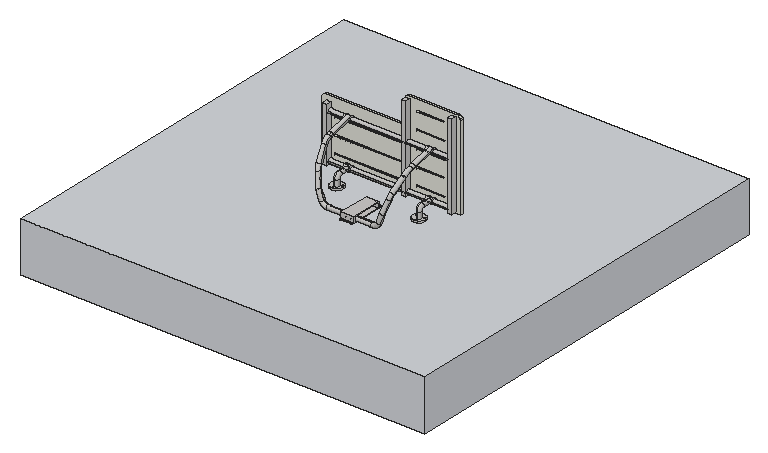
Revit family
Parameters (values of type "B-5181")
  Seating = Solid Phenolic -  Bobrick - Ivory-colored
  Warranty Duration (Years) = 0
  Right [instance] = yes
  Left [instance] = not(Right)  # no
  Down Position [instance] = yes
  Unit Width = 1' - 10 5/16"
  Unit Length = 2' - 9"
  Unit Depth = 1' - 1 7/8"
  URL = "http://www.bobrick.com/Pages/default.aspx"
  Material Finish = Stainless Steel - Bobrick - Satin
  Test Data = ""
  Specification = ""
  SpecWizard = ""
  Send Message = "http://www.arcat.com/users.pl?action=UserEmail&company=Bobrick+Washroom+Equipment,+Inc.&coid=30988&rep=156&fax=818-503-1930&mf="
  Sales Information = "http://www.bobrick.com/Pages/ContactUs.aspx"
  Revision = "R1_10_2012"
  Product Properties = ""
  Product Data = "http://arcat.com/arcatcos/cos30/arc30988.html?isac=1&r=1"
  Model = "B-5181"
  Manufacturer Website = "http://www.bobrick.com/Pages/default.aspx"
  Manufacturer Phone - Toll Free = ""
  Manufacturer Phone = "818-764-1000"
  Manufacturer Fax = "818-503-1930"
  Manufacturer Address = "11611 Hart St. North Hollywood, CA 91605-5882"
  Manufacturer = "Bobrick Washroom Equipment, Inc."
  Maintenance Schedule (Months) = 0
  Up Position [instance] = not(Down Position)  # no
  Keynote = "102813"
  Installation-Fabrication = "http://www.bobrick.com/washroomaccessories/Pages/WashroomAccessories.aspx"
  Installation Phase = ""
  Green Building-LEED = ""
  Expected Lifespan (Years) = 0
  Drawn By = "Sumex Design, Inc. / Robert S. Weygant, CSI, CDT, SCIP"
  Description = "Bobrick B-5181 Reversible Folding Shower Seat"
  Default Elevation = 4' - 0"
  Copyright = "©Arcat Inc."
  Construction Details = ""
  Capacity (Lbs) = 0.36 kip
  Building Codes = ""
  Assembly Code = "E1090900"
  Angle [instance] = if(Up Position, 0.00°, 90.00°)  # 90.00°
Reference planes (in)
  plane 1 "Center (Front/Back)": y = 0
  plane 2: z = 0
  plane 3 "Center (Left/Right)": x = 0
  plane 4: x = -16.5
  plane 5: x = 16.5
  plane 6: z = 22.3125
  plane 7: y = 1.5
  plane 8: z = 2.5
  plane 9 "ADA MOUNT LINE": y = 2.625
  plane 10: y = -10.05469
  plane 11: y = -1.875
  plane 12: y = -11.25
Forms (in)
  Extrusion 1, solid
    sketch origin (0, 0, 0) x (1, 0, 0) y (0, 1, 0)
      loop
        line (-48, 48) -> (-48, -48) -> (48, -48) -> (48, 48) -> (-48, 48)
    from 0 to -12
  Extrusion 2, solid, material "Stainless Steel - Bobrick - Satin" <- "Material Finish"
    sketch origin (0, -1.875, 0) x (1, 0, 0) y (0, 1, 0)
      loop
        circle (-9.75, 0) r 1.5
      loop
        circle (-9.75, -1.09375) r 0.125
      loop
        circle (-10.69722, 0.54687) r 0.125
      loop
        circle (-8.80278, 0.54687) r 0.125
      loop
        circle (9.75, 0) r 1.5
      loop
        circle (9.75, -1.09375) r 0.125
      loop
        circle (10.69722, 0.54687) r 0.125
      loop
        circle (8.80278, 0.54687) r 0.125
    from 0 to 0.25
  Sweep 3, solid, material "Stainless Steel - Bobrick - Satin" <- "Material Finish"
    path origin (0, 0, 0) x (0, 1, 0) y (0, 0, 1)
      loop
        line (-1.875, 0.25) -> (-1.875, 1.75)
        arc (-1.875, 1.75) -> (-1.65533, 2.28033) -> (-1.125, 2.5) r 0.75
        line (-1.125, 2.5) -> (1.5, 2.5)
    profile origin (0, -1.875, 1) x (0, -1, 0) y (1, 0, 0)
      loop
        circle (0, -9.75) r 0.5
  Sweep 4, solid, material "Stainless Steel - Bobrick - Satin" <- "Material Finish"
    path origin (6.5, 0, 0) x (0, 1, 0) y (0, 0, -1)
      loop
        line (-1.875, -0.25) -> (-1.875, -1.75)
        arc (-1.875, -1.75) -> (-1.65533, -2.28033) -> (-1.125, -2.5) r 0.75
        line (-1.125, -2.5) -> (1.5, -2.5)
    profile origin (6.5, -1.875, 1) x (0, 1, 0) y (-1, 0, 0)
      loop
        circle (0, -3.25) r 0.5
  Extrusion 5, solid, material "Stainless Steel - Bobrick - Satin" <- "Material Finish"
    sketch origin (0, 0, 0.5) x (0, 1, 0) y (0, 0, 1)
      loop
        circle (1.5, 2) r 0.5
      loop
        circle (1.5, 2) r 0.625
    from 8.97348 to 10.48359
  Extrusion 6, solid, material "Stainless Steel - Bobrick - Satin" <- "Material Finish"
    sketch origin (0, 0, 0.5) x (0, 1, 0) y (0, 0, -1)
      loop
        circle (1.5, -2) r 0.5
      loop
        circle (1.5, -2) r 0.625
    from 8.9942 to 10.48359
  Extrusion 7, solid, material "Stainless Steel - Bobrick - Satin" <- "Material Finish"
    sketch origin (0, 0, 0.5) x (0, 1, 0) y (0, 0, 1)
      loop
        circle (1.5, 2) r 0.5
    from -14.28116 to 14.28018
  Extrusion 8, solid, material "Stainless Steel - Bobrick - Satin" <- "Material Finish"
    sketch origin (0, 1.5, 1.79687) x (0, 0, 1) y (0, 1, 0)
      loop
        circle (11.25, 0) r 0.625
      loop
        circle (11.25, 0) r 0.5
    from 8.9942 to 10.48359
  Extrusion 9, solid, material "Stainless Steel - Bobrick - Satin" <- "Material Finish"
    sketch origin (0, 1.5, 1.79687) x (0, 0, 1) y (0, -1, 0)
      loop
        circle (11.25, 0) r 0.5
    from -14.28116 to 14.28018
  Extrusion 10, solid, material "Stainless Steel - Bobrick - Satin" <- "Material Finish"
    sketch origin (0, 1.5, 1.79687) x (0, 0, 1) y (0, -1, 0)
      loop
        circle (11.25, 0) r 0.625
      loop
        circle (11.25, 0) r 0.5
    from 8.97348 to 10.48359
  Extrusion 11, solid, material "Stainless Steel - Bobrick - Satin" <- "Material Finish"
    sketch origin (0, 2.25, 2) x (0, 0, 1) y (0, -1, 0)
      loop
        line (-2, 5.68374) -> (-0.56767, 5.68374) -> (-0.56767, 13.13999) -> (-1.875, 13.13999) -> (-1.875, 13.5) -> (-2, 13.5) -> (-2, 5.68374)
      loop
        line (-0.69267, 5.80874) -> (-0.69267, 13.01499) -> (-1.875, 13.01499) -> (-1.875, 5.80874) -> (-0.69267, 5.80874)
    from -1.5 to 1.5
  Revolve 12, solid, not visible
    sketch origin (-4.96082, 1.5, 2.49157) x (-0.292372, 0, 0.956305) y (0, -1, 0)
      loop
        line (11.25, 0) -> (11.75, 0) -> (11.75, 5.25) -> (11.25, 5.25) -> (11.25, 0)
      axis (11.25, 0) -> (11.25, 5.25)
    angle from 0 to 360
  Sweep 13, solid, not visible
    path origin (-4.96082, 1.5, 2.49157) x (-0.292372, 0, 0.956305) y (0, -1, 0)
      loop
        line (11.25, 5.25) -> (11.25, 5.9655)
        arc (11.25, 5.9655) -> (11.09688, 6.68136) -> (10.66433, 7.27195) r 1.75
        line (10.66433, 7.27195) -> (6.65381, 10.84619)
    profile origin (-8.25, -4.10775, 13.25) x (0.292372, 0, -0.956305) y (0.956305, 0, 0.292372)
      loop
        circle (0, 0) r 0.5
  Sweep 14, solid, not visible
    path origin (-4.96082, 1.5, 2.49157) x (-0.292372, 0, 0.956305) y (0, -1, 0)
      loop
        line (6.65381, 10.84619) -> (6.23813, 11.26187)
        arc (6.23813, 11.26187) -> (5.72015, 11.6197) -> (5.10905, 11.77108) r 1.75
        line (5.10905, 11.77108) -> (0.66447, 12.04681)
    profile origin (-6.84544, -9.55403, 8.65588) x (0.206738, 0.707107, -0.67621) y (0.956305, 0, 0.292372)
      loop
        circle (0, 0) r 0.5
  Sweep 15, solid, not visible
    path origin (0, 0, 0) x (1, 0, 0) y (0, 0, 1)
      loop
        line (-5.21645, 3.30032) -> (-4.65809, 1.76624)
        arc (-4.65809, 1.76624) -> (-4.0738, 1.00478) -> (-3.15842, 0.71616) r 1.59591
        line (-3.15842, 0.71616) -> (0, 0.71616)
    profile origin (-4.93727, 0, 2.53328) x (0.939693, 0, 0.34202) y (0, -1, 0)
      loop
        circle (0, 10.53906) r 0.5
  Revolve 16, solid, not visible
    sketch origin (4.96082, 1.5, 2.49157) x (0.292372, 0, 0.956305) y (0, 1, 0)
      loop
        line (11.25, 0) -> (11.25, -5.25) -> (11.75, -5.25) -> (11.75, 0) -> (11.25, 0)
      axis (11.25, 0) -> (11.25, -5.25)
    angle from 0 to 360
  Sweep 17, solid, not visible
    path origin (4.96082, 1.5, 2.49157) x (0.292372, 0, 0.956305) y (0, 1, 0)
      loop
        line (11.25, -5.25) -> (11.25, -5.9655)
        arc (11.25, -5.9655) -> (11.09688, -6.68136) -> (10.66433, -7.27195) r 1.75
        line (10.66433, -7.27195) -> (6.65381, -10.84619)
    profile origin (8.25, -4.10775, 13.25) x (0.292372, 0, 0.956305) y (-0.956305, 0, 0.292372)
      loop
        circle (0, 0) r 0.5
  Sweep 18, solid, not visible
    path origin (4.96082, 1.5, 2.49157) x (0.292372, 0, 0.956305) y (0, 1, 0)
      loop
        line (6.65381, -10.84619) -> (6.23813, -11.26187)
        arc (6.23813, -11.26187) -> (5.72015, -11.6197) -> (5.10905, -11.77108) r 1.75
        line (5.10905, -11.77108) -> (0.66447, -12.04681)
    profile origin (6.84544, -9.55403, 8.65588) x (0.206738, -0.707107, 0.67621) y (-0.956305, 0, 0.292372)
      loop
        circle (0, 0) r 0.5
  Sweep 19, solid, not visible
    path origin (0, 0, 0) x (-1, 0, 0) y (0, 0, 1)
      loop
        line (-5.21645, 3.30032) -> (-4.65809, 1.76624)
        arc (-4.65809, 1.76624) -> (-4.0738, 1.00478) -> (-3.15842, 0.71616) r 1.59591
        line (-3.15842, 0.71616) -> (0, 0.71616)
    profile origin (4.93727, 0, 2.53328) x (0.939693, 0, -0.34202) y (0, -1, 0)
      loop
        circle (0, 10.53906) r 0.5
  Extrusion 20, solid, material "Stainless Steel - Bobrick - Satin" <- "Material Finish"
    sketch origin (0, 1.5, 13.25) x (0, -1, 0) y (1, 0, 0)
      loop
        line (4.93374, -1.5) -> (4.93374, 1.5) -> (3.93374, 1.5) -> (3.93374, -1.5) -> (4.93374, -1.5)
      loop
        circle (4.43374, -0.78125) r 0.125
      loop
        circle (4.43374, 0.78125) r 0.125
    from -13.25 to -13.125
Lines and regions (in)
  reference lines
    curve 1: line (0, 1.5, 2.5) -> (0, 1.5, 10.75)
Dimensions and locks (in)
  equal spacing: plane 4, plane 3 "Center (Left/Right)", plane 5
  "Unit Length": plane 4 to plane 5
  "Unit Width": plane 6 to Extrusion 1
  plane 12 to plane 11 = 0' - 9 3/8"
  "Unit Depth": plane 9 "ADA MOUNT LINE" to plane 12
  "Angle": angle curve 1 to plane 8
  aligned and locked: plane 2 to Extrusion 1
  aligned and locked: level to Extrusion 1
  aligned and locked: plane 7 to curve 1
  aligned and locked: plane 8 to curve 1
Automatic sketch dimensions
  Extrusion 1 sketch curve to Extrusion 1 sketch curve = 8' - 0"  (x2)
  Sweep 3 sketch curve to profile plane = 0' - 0"
  Sweep 3 sketch curve to plane 3 "Center (Left/Right)" = 0' - 9 3/4"
  Sweep 4 sketch curve to profile plane = 0' - 0"
  Sweep 4 sketch curve to profile plane = 0' - 3 1/4"
  Extrusion 5 sketch curve to Extrusion 5 sketch curve = 0' - 0"  (x2)
  Extrusion 5 sketch curve to plane 7 = 0' - 0"
  Extrusion 5 sketch curve to plane 8 = 0' - 0"
  Extrusion 6 sketch curve to Extrusion 6 sketch curve = 0' - 0"  (x2)
  Extrusion 6 sketch curve to plane 7 = 0' - 0"
  Extrusion 6 sketch curve to plane 8 = 0' - 0"
  Extrusion 7 sketch curve to Extrusion 7 sketch curve = 0' - 0"  (x2)
  Extrusion 7 sketch curve to plane 8 = 0' - 0"
  Extrusion 7 sketch curve to plane 7 = 0' - 0"
  Extrusion 7 sketch curve to plane 7 = 0' - 0 1/2"
  Extrusion 8 sketch curve to Extrusion 8 sketch curve = 0' - 0"  (x6)
  Extrusion 8 sketch curve to curve 1 = 0' - 0"
  curve 1 to Extrusion 8 sketch curve = 0' - 2 19/64"
  curve 1 to Extrusion 8 sketch curve = 0' - 0 1/2"
  Extrusion 9 sketch curve to Extrusion 9 sketch curve = 0' - 0"  (x2)
  Extrusion 9 sketch curve to curve 1 = 0' - 0"
  curve 1 to Extrusion 9 sketch curve = 0' - 0 1/2"
  curve 1 to Extrusion 9 sketch curve = 0' - 2 19/64"
  Extrusion 10 sketch curve to Extrusion 10 sketch curve = 0' - 0"  (x6)
  Extrusion 10 sketch curve to curve 1 = 0' - 0"
  curve 1 to Extrusion 10 sketch curve = 0' - 2 19/64"
  curve 1 to Extrusion 10 sketch curve = 0' - 0 1/2"
  Revolve 12 sketch curve to Revolve 12 sketch curve = 0' - 0"
  Revolve 12 sketch curve to Revolve 12 sketch curve = 0' - 0 1/2"  (x3)
  Sweep 13 sketch curve to Sweep 13 sketch curve = 0' - 2.84619"
  Sweep 13 sketch curve to Sweep 13 sketch curve = 0' - 1.16433"
  Sweep 13 sketch curve to Sweep 13 sketch curve = 0' - 0.7155"
  Sweep 13 sketch curve to profile plane = 0' - 0"  (x2)
  Sweep 14 sketch curve to Sweep 14 sketch curve = 0' - 4.33622"
  Sweep 14 sketch curve to Sweep 14 sketch curve = 0' - 0.10836"
  Sweep 14 sketch curve to Sweep 14 sketch curve = 0' - 1.12908"
  Sweep 14 sketch curve to Sweep 14 sketch curve = 0' - 0.41568"  (x2)
  Sweep 14 sketch curve to profile plane = 0' - 0"  (x2)
  Sweep 15 sketch curve to Sweep 15 sketch curve = 0' - 1.49967"
  Sweep 15 sketch curve to Sweep 15 sketch curve = 0' - 0.55836"
  Sweep 15 sketch curve to profile plane = 0' - 0"
  Revolve 16 sketch curve to Revolve 16 sketch curve = 0' - 0"
  Revolve 16 sketch curve to Revolve 16 sketch curve = 0' - 0 1/2"  (x3)
  Sweep 17 sketch curve to Sweep 17 sketch curve = 0' - 2.84619"
  Sweep 17 sketch curve to Sweep 17 sketch curve = 0' - 1.16433"
  Sweep 17 sketch curve to Sweep 17 sketch curve = 0' - 0.7155"
  Sweep 17 sketch curve to profile plane = 0' - 0"  (x2)
  Sweep 18 sketch curve to Sweep 18 sketch curve = 0' - 4.33622"
  Sweep 18 sketch curve to Sweep 18 sketch curve = 0' - 0.10836"
  Sweep 18 sketch curve to Sweep 18 sketch curve = 0' - 1.12908"
  Sweep 18 sketch curve to Sweep 18 sketch curve = 0' - 0.41568"  (x2)
  Sweep 18 sketch curve to profile plane = 0' - 0"  (x2)
  Sweep 19 sketch curve to Sweep 19 sketch curve = 0' - 3.15842"
  Sweep 19 sketch curve to Sweep 19 sketch curve = 0' - 1.49967"
  Sweep 19 sketch curve to Sweep 19 sketch curve = 0' - 0.55836"
  Sweep 19 sketch curve to profile plane = 0' - 0"
  Revolve 12 sketch curve to Revolve 12 sketch curve = 0' - 4 3/4"
  Sweep 13 sketch curve to Sweep 13 sketch curve = 0' - 0.58567"
  Sweep 13 sketch curve to Sweep 13 sketch curve = 0' - 3.57424"
  Sweep 14 sketch curve to Sweep 14 sketch curve = 0' - 0.82176"
  Sweep 14 sketch curve to Sweep 14 sketch curve = 0' - 0.27573"
  Sweep 15 sketch curve to Sweep 15 sketch curve = 0' - 3.15842"
  Sweep 15 sketch curve to Sweep 15 sketch curve = 0' - 1.05008"
  Sweep 15 sketch curve to Sweep 15 sketch curve = 0' - 1.53408"
  profile plane to Sweep 15 sketch curve = 0' - 10 69/128"
  Revolve 16 sketch curve to Revolve 16 sketch curve = 0' - 4 3/4"
  Sweep 17 sketch curve to Sweep 17 sketch curve = 0' - 0.58567"
  Sweep 17 sketch curve to Sweep 17 sketch curve = 0' - 3.57424"
  Sweep 18 sketch curve to Sweep 18 sketch curve = 0' - 0.27573"
  Sweep 18 sketch curve to Sweep 18 sketch curve = 0' - 0.50921"
  Sweep 19 sketch curve to Sweep 19 sketch curve = 0' - 1.05008"
  Sweep 19 sketch curve to Sweep 19 sketch curve = 0' - 1.53408"
  profile plane to Sweep 19 sketch curve = 0' - 10 69/128"
  plane 1 "Center (Front/Back)" to Extrusion 20 sketch curve = 0' - 2.43374"
  Extrusion 20 sketch curve to Extrusion 20 sketch curve = 0' - 0 1/2"  (x3)
  Extrusion 20 sketch curve to plane 3 "Center (Left/Right)" = 0' - 1 1/2"
  Extrusion 20 sketch curve to plane 3 "Center (Left/Right)" = 0' - 0 25/32"
  plane 3 "Center (Left/Right)" to Extrusion 20 sketch curve = 0' - 0 25/32"
  Extrusion 20 sketch curve to Extrusion 20 sketch curve = 0' - 0 23/32"
  plane 1 "Center (Front/Back)" to Sweep 3 sketch curve = 0' - 1 7/8"
  Sweep 3 sketch curve to plane 8 = 0' - 0"
  Sweep 3 sketch curve to plane 7 = 0' - 0"
  Sweep 3 sketch curve to Sweep 3 sketch curve = 0' - 2 5/8"
  level to Sweep 3 sketch curve = 0' - 0 1/4"
  plane 1 "Center (Front/Back)" to Sweep 4 sketch curve = 0' - 1 7/8"
  Sweep 4 sketch curve to plane 8 = 0' - 0"
  Sweep 4 sketch curve to plane 7 = 0' - 0"
  Sweep 4 sketch curve to Sweep 4 sketch curve = 0' - 2 5/8"
  level to Sweep 4 sketch curve = 0' - 0 1/4"
  plane 1 "Center (Front/Back)" to Extrusion 2 sketch curve = 0' - 1 21/64"  (x4)
  plane 4 to Extrusion 2 sketch curve = 0' - 5.80278"
  Extrusion 2 sketch curve to Extrusion 2 sketch curve = 0' - 0.94722"  (x6)
  Extrusion 2 sketch curve to plane 5 = 0' - 7.69722"
  Extrusion 2 sketch curve to Extrusion 2 sketch curve = 0' - 0 35/64"  (x2)
  Extrusion 2 sketch curve to Extrusion 2 sketch curve = 0' - 1 3/32"  (x2)
  level to Extrusion 11 sketch curve = 0' - 0 1/8"
  Extrusion 11 sketch curve to Extrusion 11 sketch curve = 0' - 1.18233"
  Extrusion 11 sketch curve to Extrusion 11 sketch curve = 0' - 0 1/8"  (x4)
  plane 11 to Extrusion 11 sketch curve = 0' - 1.68374"
  Extrusion 11 sketch curve to level = 0' - 0"
  Extrusion 11 sketch curve to plane 12 = 0' - 0"
  Extrusion 11 sketch curve to Extrusion 11 sketch curve = 0' - 0.36001"
  radius of Sweep 3 sketch curve = 0' - 0 1/2"
  radius of Sweep 4 sketch curve = 0' - 0 1/2"
  radius of Extrusion 5 sketch curve = 0' - 0 1/2"
  radius of Extrusion 5 sketch curve = 0' - 0 5/8"
  radius of Extrusion 6 sketch curve = 0' - 0 1/2"
  radius of Extrusion 6 sketch curve = 0' - 0 5/8"
  radius of Extrusion 8 sketch curve = 0' - 0 5/8"
  radius of Extrusion 10 sketch curve = 0' - 0 5/8"
  radius of Sweep 13 sketch curve = 0' - 0 1/2"
  radius of Sweep 14 sketch curve = 0' - 0 1/2"
  radius of Sweep 15 sketch curve = 0' - 0 1/2"
  radius of Sweep 17 sketch curve = 0' - 0 1/2"
  radius of Sweep 18 sketch curve = 0' - 0 1/2"
  radius of Sweep 19 sketch curve = 0' - 0 1/2"
  radius of Extrusion 20 sketch curve = 0' - 0 1/8"  (x2)
  radius of Extrusion 2 sketch curve = 0' - 1 1/2"  (x2)
  radius of Extrusion 2 sketch curve = 0' - 0 1/8"  (x6)
Nested families (in)
  nested 1: "Down Position" at (0, -10.05469, 0), Unlock <- "Down Position", visible <- "Down Position", type "Down Position"
    with Unlock yes
  nested 2: "Up Position" at (0, -4.59634, 0.21163) x (1, 0, 0) z (0, 0.6842, 0.7293), visible <- "Up Position", Unlock <- "Up Position", type "Up Position"
    with Unlock no
  nested 3: "Right" at (0, 0, 0), Angle <- "Angle", type "Right"
    with Angle 90.00°, Right yes
  nested 4: "Left" at (0, 0, 0), Angle <- "Angle", type "Left"
    with Angle 90.00°, Left no
Definition of nested family "Down Position"
  Parameters (values of type "Down Position")
    Warranty Duration (Years) = 0
    Unlock [instance] = yes
    Unit Width = 1' - 1 1/2"
    Unit Length = 2' - 8"
    Unit Depth = 0' - 0"
    URL = "http://www.accessabledesigns.com/default.htm"
    Tube = none
    Test Data = ""
    Specification = "http://arcat.com/sd/clients/accessab.html?coid=41334"
    SpecWizard = ""
    Send Message = "http://www.arcat.com/users.pl?action=UserEmail&company=Access-Able+Designs,+Inc.&coid=41334&rep=145&fax=772-872-3200&mf="
    Sales Information = "http://www.accessabledesigns.com/contact.htm"
    Revision = "R1_7_2012"
    Product Properties = ""
    Product Data = "http://arcat.com/arcatcos/cos41/arc41334.html?isac=1&r=1"
    Model = "As Specified"
    Manufacturer Website = "http://www.accessabledesigns.com/default.htm"
    Manufacturer Phone - Toll Free = "877-853-7816"
    Manufacturer Phone = ""
    Manufacturer Fax = "772-872-3200"
    Manufacturer Address = "494 53rd Square Vero Beach, FL 32968"
    Manufacturer = "Access-able Designs, Inc."
    Maintenance Schedule (Months) = 0
    Keynote = "10820"
    Installation-Fabrication = ""
    Installation Phase = ""
    Green Building-LEED = ""
    Expected Lifespan (Years) = 0
    Drawn By = "Sumex Design, Inc. / Robert S. Weygant, CSI, CDT, SCIP"
    Description = "Access-able Designs Product as Specified"
    Default Elevation = 4' - 0"
    Copyright = "©Arcat Inc."
    Construction Details = ""
    Building Codes = ""
    Assembly Code = "C1030200"
    Angle = 90.00°
  Reference planes (in)
    plane 1 "Center (Front/Back)": y = 0
    plane 2: z = 0
    plane 3 "Center (Left/Right)": x = 0
    plane 4: y = 6.75
    plane 5: y = -6.75
    plane 6: x = -16
    plane 7: x = 16
    plane 8: z = 12
    plane 9 "L": through (-7.39541, -180, 8.60215) normal (0.9659, 0, 0.2588)
    plane 10: x = -8.29236
  Forms (in)
    Extrusion 1, solid
      sketch origin (0, 0, 0) x (1, 0, 0) y (0, 1, 0)
        loop
          line (-48, 48) -> (-48, -48) -> (48, -48) -> (48, 48) -> (-48, 48)
      from 0 to -12
    Revolve 2, solid, not visible
      sketch origin (-4.96082, 1.5, 2.49157) x (-0.292372, 0, 0.956305) y (0, -1, 0)
        loop
          line (11.25, 0) -> (11.75, 0) -> (11.75, 5.25) -> (11.25, 5.25) -> (11.25, 0)
        axis (11.25, 0) -> (11.25, 5.25)
      angle from 0 to 360
    Sweep 3, solid, not visible
      path origin (-4.96082, 1.5, 2.49157) x (-0.292372, 0, 0.956305) y (0, -1, 0)
        loop
          line (11.25, 5.25) -> (11.25, 5.9655)
          arc (11.25, 5.9655) -> (11.09688, 6.68136) -> (10.66433, 7.27195) r 1.75
          line (10.66433, 7.27195) -> (6.65381, 10.84619)
      profile origin (-8.25, -4.10775, 13.25) x (0.292372, 0, -0.956305) y (0.956305, 0, 0.292372)
        loop
          circle (0, 0) r 0.5
    Sweep 4, solid, not visible
      path origin (-4.96082, 1.5, 2.49157) x (-0.292372, 0, 0.956305) y (0, -1, 0)
        loop
          line (6.65381, 10.84619) -> (6.23813, 11.26187)
          arc (6.23813, 11.26187) -> (5.72015, 11.6197) -> (5.10905, 11.77108) r 1.75
          line (5.10905, 11.77108) -> (0.66447, 12.04681)
      profile origin (-6.84544, -9.55403, 8.65588) x (0.206738, 0.707107, -0.67621) y (0.956305, 0, 0.292372)
        loop
          circle (0, 0) r 0.5
    Sweep 5, solid, not visible
      path origin (0, 0, 0) x (1, 0, 0) y (0, 0, 1)
        loop
          line (-5.21645, 3.30032) -> (-4.65809, 1.76624)
          arc (-4.65809, 1.76624) -> (-4.0738, 1.00478) -> (-3.15842, 0.71616) r 1.59591
          line (-3.15842, 0.71616) -> (0, 0.71616)
      profile origin (-4.93727, 0, 2.53328) x (0.939693, 0, 0.34202) y (0, -1, 0)
        loop
          circle (0, 10.53906) r 0.5
    Revolve 6, solid, not visible
      sketch origin (4.96082, 1.5, 2.49157) x (0.292372, 0, 0.956305) y (0, 1, 0)
        loop
          line (11.25, 0) -> (11.25, -5.25) -> (11.75, -5.25) -> (11.75, 0) -> (11.25, 0)
        axis (11.25, 0) -> (11.25, -5.25)
      angle from 0 to 360
    Sweep 7, solid, not visible
      path origin (4.96082, 1.5, 2.49157) x (0.292372, 0, 0.956305) y (0, 1, 0)
        loop
          line (11.25, -5.25) -> (11.25, -5.9655)
          arc (11.25, -5.9655) -> (11.09688, -6.68136) -> (10.66433, -7.27195) r 1.75
          line (10.66433, -7.27195) -> (6.65381, -10.84619)
      profile origin (8.25, -4.10775, 13.25) x (0.292372, 0, 0.956305) y (-0.956305, 0, 0.292372)
        loop
          circle (0, 0) r 0.5
    Sweep 8, solid, not visible
      path origin (4.96082, 1.5, 2.49157) x (0.292372, 0, 0.956305) y (0, 1, 0)
        loop
          line (6.65381, -10.84619) -> (6.23813, -11.26187)
          arc (6.23813, -11.26187) -> (5.72015, -11.6197) -> (5.10905, -11.77108) r 1.75
          line (5.10905, -11.77108) -> (0.66447, -12.04681)
      profile origin (6.84544, -9.55403, 8.65588) x (0.206738, -0.707107, 0.67621) y (-0.956305, 0, 0.292372)
        loop
          circle (0, 0) r 0.5
    Sweep 9, solid, not visible
      path origin (0, 0, 0) x (-1, 0, 0) y (0, 0, 1)
        loop
          line (-5.21645, 3.30032) -> (-4.65809, 1.76624)
          arc (-4.65809, 1.76624) -> (-4.0738, 1.00478) -> (-3.15842, 0.71616) r 1.59591
          line (-3.15842, 0.71616) -> (0, 0.71616)
      profile origin (4.93727, 0, 2.53328) x (0.939693, 0, -0.34202) y (0, -1, 0)
        loop
          circle (0, 10.53906) r 0.5
    Sweep 10, solid, not visible
      path origin (0, 0, 0) x (1, 0, 0) y (0, 0, 1)
        loop
          line (0, 0.71616) -> (-3.84674, 0.71616)
          arc (-3.84674, 0.71616) -> (-4.76312, 1.0051) -> (-5.34804, 1.76739) r 1.59766
          line (-5.34804, 1.76739) -> (-6.16678, 4.01685)
      profile origin (-1.92337, 0, 0.71616) x (0, 0, -1) y (0, -1, 0)
        loop
          circle (0, 10.05469) r 0.5
    Sweep 11, solid, not visible
      path origin (0, 1.5, 2) x (0, 0, 1) y (0, -1, 0)
        loop
          line (11.25, 0) -> (9.8265, 5.31259)
      profile origin (0, -1.1563, 12.53825) x (0, 0.258819, -0.965926) y (1, 0, 0)
        loop
          circle (0, -8.25) r 0.5
    Sweep 12, solid, not visible
      path origin (2.25548, 1.5, 4.46009) x (-0.258819, 0, 0.965926) y (0, -1, 0)
        loop
          line (9.8265, 5.31259) -> (9.63073, 6.04319)
          arc (9.63073, 6.04319) -> (9.24763, 6.92427) -> (8.62366, 7.65484) r 3.25
          line (8.62366, 7.65484) -> (6.16605, 9.79121)
      profile origin (-0.26247, -4.17789, 13.85721) x (0.25, 0.258819, -0.933013) y (0.965926, 0, 0.258819)
        loop
          circle (0, -8.25) r 0.5
    Sweep 13, solid, not visible
      path origin (2.25548, 1.5, 4.46009) x (-0.258819, 0, 0.965926) y (0, -1, 0)
        loop
          line (6.16605, 9.79121) -> (5.78463, 10.12278)
          arc (5.78463, 10.12278) -> (5.26674, 10.48205) -> (4.68337, 10.72071) r 2.89483
          line (4.68337, 10.72071) -> (1.61389, 11.60087)
      profile origin (0.70895, -8.457, 10.23182) x (0.169801, 0.75471, -0.633704) y (0.965926, 0, 0.258819)
        loop
          circle (0, -8.25) r 0.5
    Sweep 14, solid, not visible
      path origin (0, 0, 0) x (-1, 0, 0) y (0, 0, 1)
        loop
          line (0, 0.71616) -> (-3.84674, 0.71616)
          arc (-3.84674, 0.71616) -> (-4.76312, 1.0051) -> (-5.34804, 1.76739) r 1.59766
          line (-5.34804, 1.76739) -> (-6.16678, 4.01685)
      profile origin (1.92337, 0, 0.71616) x (0, 0, 1) y (0, -1, 0)
        loop
          circle (0, 10.05469) r 0.5
    Sweep 15, solid, not visible
      path origin (0, 1.5, 2) x (0, 0, 1) y (0, 1, 0)
        loop
          line (11.25, 0) -> (9.8265, -5.31259)
      profile origin (0, -1.1563, 12.53825) x (0, -0.258819, 0.965926) y (-1, 0, 0)
        loop
          circle (0, -8.25) r 0.5
    Sweep 16, solid, not visible
      path origin (-2.25548, 1.5, 4.46009) x (0.258819, 0, 0.965926) y (0, 1, 0)
        loop
          line (9.8265, -5.31259) -> (9.63073, -6.04319)
          arc (9.63073, -6.04319) -> (9.24763, -6.92427) -> (8.62366, -7.65484) r 3.25
          line (8.62366, -7.65484) -> (6.16605, -9.79121)
      profile origin (0.26247, -4.17789, 13.85721) x (0.25, -0.258819, 0.933013) y (-0.965926, 0, 0.258819)
        loop
          circle (0, -8.25) r 0.5
    Sweep 17, solid, not visible
      path origin (-2.25548, 1.5, 4.46009) x (0.258819, 0, 0.965926) y (0, 1, 0)
        loop
          line (6.16605, -9.79121) -> (5.78463, -10.12278)
          arc (5.78463, -10.12278) -> (5.26674, -10.48205) -> (4.68337, -10.72071) r 2.89483
          line (4.68337, -10.72071) -> (1.61389, -11.60087)
      profile origin (-0.70895, -8.457, 10.23182) x (0.169801, -0.75471, 0.633704) y (-0.965926, 0, 0.258819)
        loop
          circle (0, -8.25) r 0.5
    Sweep 18, solid, material <- "Tube", visible <- "Unlock"
      path in 3D
        loop
          line (9.79236, 11.61283, 13.32772) -> (9.79236, 6.28828, 11.94962) -> (9.74169, 5.55767, 11.76053)
          arc (9.74169, 5.55767, 11.76053) -> (9.64254, 4.6766, 11.39048) -> (9.48104, 3.94603, 10.78777) r 3.25
          line (9.48104, 3.94603, 10.78777) -> (8.74539, 1.47521, 8.04227)
          arc (8.74539, 1.47521, 8.04227) -> (8.61227, 1.1184, 7.54545) -> (8.46231, 0.88137, 6.98582) r 2.875
          line (8.46231, 0.88137, 6.98582) -> (7.66678, 0, 4.01685) -> (6.85459, 0, 1.78538)
          arc (6.85459, 0, 1.78538) -> (6.25965, 0, 1.01004) -> (5.32759, 0, 0.71616) r 1.625
          line (5.32759, 0, 0.71616) -> (-5.26509, 0, 0.71616)
          arc (-5.26509, 0, 0.71616) -> (-6.19715, 0, 1.01004) -> (-6.79209, 0, 1.78538) r 1.625
          line (-6.79209, 0, 1.78538) -> (-7.60428, 0, 4.01685) -> (-8.39981, 0.88137, 6.98582)
          arc (-8.39981, 0.88137, 6.98582) -> (-8.54977, 1.1184, 7.54545) -> (-8.68289, 1.47521, 8.04227) r 2.875
          line (-8.68289, 1.47521, 8.04227) -> (-9.41854, 3.94603, 10.78777)
          arc (-9.41854, 3.94603, 10.78777) -> (-9.58004, 4.6766, 11.39048) -> (-9.67919, 5.55767, 11.76053) r 3.25
          line (-9.67919, 5.55767, 11.76053) -> (-9.72986, 6.28828, 11.94962) -> (-9.72986, 11.61283, 13.32772)
      profile origin (7.26069, 0, 2.90112) x (0.939693, 0, -0.34202) y (0, -1, 0)
        loop
          circle (0, 0) r 0.5
  Lines and regions (in)
    sketch lines
      curve 1: line (7.66678, 0, 4.01685) -> (6.85459, 0, 1.78538)
      curve 2: arc (6.85459, 0, 1.78538) -> (6.25965, 0, 1.01004) -> (5.32759, 0, 0.71616) r 1.625
      curve 3: line (5.32759, 0, 0.71616) -> (-5.26509, 0, 0.71616)
      curve 4: arc (-6.79209, 0, 1.78538) -> (-6.19715, 0, 1.01004) -> (-5.26509, 0, 0.71616) r 1.625
      curve 5: line (-7.60428, 0, 4.01685) -> (-6.79209, 0, 1.78538)
      curve 6: line (-7.60428, 0, 4.01685) -> (-8.39981, 0.88137, 6.98582)
      curve 7: arc (-8.39981, 0.88137, 6.98582) -> (-8.54977, 1.1184, 7.54545) -> (-8.68289, 1.47521, 8.04227) r 2.875
      curve 8: line (-9.41854, 3.94603, 10.78777) -> (-8.68289, 1.47521, 8.04227)
      curve 9: arc (-9.41854, 3.94603, 10.78777) -> (-9.58004, 4.6766, 11.39048) -> (-9.67919, 5.55767, 11.76053) r 3.25
      curve 10: line (-9.72986, 6.28828, 11.94962) -> (-9.67919, 5.55767, 11.76053)
      curve 11: line (-9.72986, 6.28828, 11.94962) -> (-9.72986, 11.61283, 13.32772)
      curve 12: line (7.66678, 0, 4.01685) -> (8.46231, 0.88137, 6.98582)
      curve 13: arc (8.46231, 0.88137, 6.98582) -> (8.61227, 1.1184, 7.54545) -> (8.74539, 1.47521, 8.04227) r 2.875
      curve 14: line (9.48104, 3.94603, 10.78777) -> (8.74539, 1.47521, 8.04227)
      curve 15: arc (9.48104, 3.94603, 10.78777) -> (9.64254, 4.6766, 11.39048) -> (9.74169, 5.55767, 11.76053) r 3.25
      curve 16: line (9.79236, 6.28828, 11.94962) -> (9.74169, 5.55767, 11.76053)
      curve 17: line (9.79236, 6.28828, 11.94962) -> (9.79236, 11.61283, 13.32772)
  Dimensions and locks (in)
    plane 8 to level = 1' - 0"
    equal spacing: plane 4, plane 1 "Center (Front/Back)", plane 5
    "Unit Width": plane 4 to plane 5
    equal spacing: plane 6, plane 3 "Center (Left/Right)", plane 7
    "Unit Length": plane 6 to plane 7
    aligned and locked: plane 2 to Extrusion 1
    aligned and locked: level to Extrusion 1
  Automatic sketch dimensions
    Revolve 2 sketch curve to Revolve 2 sketch curve = 0' - 0"
    Revolve 2 sketch curve to Revolve 2 sketch curve = 0' - 0 1/2"  (x3)
    Sweep 3 sketch curve to Sweep 3 sketch curve = 0' - 2.84619"
    Sweep 3 sketch curve to Sweep 3 sketch curve = 0' - 1.16433"
    Sweep 3 sketch curve to Sweep 3 sketch curve = 0' - 0.7155"
    Sweep 3 sketch curve to profile plane = 0' - 0"  (x2)
    Sweep 4 sketch curve to Sweep 4 sketch curve = 0' - 4.33622"
    Sweep 4 sketch curve to Sweep 4 sketch curve = 0' - 0.10836"
    Sweep 4 sketch curve to Sweep 4 sketch curve = 0' - 1.12908"
    Sweep 4 sketch curve to Sweep 4 sketch curve = 0' - 0.41568"  (x2)
    Sweep 4 sketch curve to profile plane = 0' - 0"  (x2)
    Sweep 5 sketch curve to Sweep 5 sketch curve = 0' - 1.49967"
    Sweep 5 sketch curve to Sweep 5 sketch curve = 0' - 0.55836"
    Sweep 5 sketch curve to profile plane = 0' - 0"
    Revolve 6 sketch curve to Revolve 6 sketch curve = 0' - 0"
    Revolve 6 sketch curve to Revolve 6 sketch curve = 0' - 0 1/2"  (x3)
    Sweep 7 sketch curve to Sweep 7 sketch curve = 0' - 2.84619"
    Sweep 7 sketch curve to Sweep 7 sketch curve = 0' - 1.16433"
    Sweep 7 sketch curve to Sweep 7 sketch curve = 0' - 0.7155"
    Sweep 7 sketch curve to profile plane = 0' - 0"  (x2)
    Sweep 8 sketch curve to Sweep 8 sketch curve = 0' - 4.33622"
    Sweep 8 sketch curve to Sweep 8 sketch curve = 0' - 0.10836"
    Sweep 8 sketch curve to Sweep 8 sketch curve = 0' - 1.12908"
    Sweep 8 sketch curve to Sweep 8 sketch curve = 0' - 0.41568"  (x2)
    Sweep 8 sketch curve to profile plane = 0' - 0"  (x2)
    Sweep 9 sketch curve to Sweep 9 sketch curve = 0' - 3.15842"
    Sweep 9 sketch curve to Sweep 9 sketch curve = 0' - 1.49967"
    Sweep 9 sketch curve to Sweep 9 sketch curve = 0' - 0.55836"
    Sweep 9 sketch curve to profile plane = 0' - 0"
    Revolve 2 sketch curve to Revolve 2 sketch curve = 0' - 4 3/4"
    Sweep 3 sketch curve to Sweep 3 sketch curve = 0' - 0.58567"
    Sweep 3 sketch curve to Sweep 3 sketch curve = 0' - 3.57424"
    Sweep 4 sketch curve to Sweep 4 sketch curve = 0' - 0.82176"
    Sweep 4 sketch curve to Sweep 4 sketch curve = 0' - 0.27573"
    Sweep 5 sketch curve to Sweep 5 sketch curve = 0' - 3.15842"
    Sweep 5 sketch curve to Sweep 5 sketch curve = 0' - 1.05008"
    Sweep 5 sketch curve to Sweep 5 sketch curve = 0' - 1.53408"
    profile plane to Sweep 5 sketch curve = 0' - 10 69/128"
    Revolve 6 sketch curve to Revolve 6 sketch curve = 0' - 4 3/4"
    Sweep 7 sketch curve to Sweep 7 sketch curve = 0' - 0.58567"
    Sweep 7 sketch curve to Sweep 7 sketch curve = 0' - 3.57424"
    Sweep 8 sketch curve to Sweep 8 sketch curve = 0' - 0.27573"
    Sweep 8 sketch curve to Sweep 8 sketch curve = 0' - 0.50921"
    Sweep 9 sketch curve to Sweep 9 sketch curve = 0' - 1.05008"
    Sweep 9 sketch curve to Sweep 9 sketch curve = 0' - 1.53408"
    profile plane to Sweep 9 sketch curve = 0' - 10 69/128"
    Extrusion 1 sketch curve to Extrusion 1 sketch curve = 8' - 0"  (x2)
    Sweep 10 sketch curve to Sweep 10 sketch curve = 0' - 1.50131"
    Sweep 10 sketch curve to Sweep 10 sketch curve = 0' - 0.81874"
    Sweep 10 sketch curve to profile plane = 0' - 0"
    Sweep 11 sketch curve to profile plane = 0' - 0"
    Sweep 11 sketch curve to profile plane = 0' - 8 1/4"
    Sweep 12 sketch curve to Sweep 12 sketch curve = 0' - 0.32543"
    Sweep 12 sketch curve to Sweep 12 sketch curve = 0' - 2.13219"
    Sweep 12 sketch curve to Sweep 12 sketch curve = 0' - 1.00707"
    Sweep 12 sketch curve to Sweep 12 sketch curve = 0' - 0.19576"
    Sweep 12 sketch curve to Sweep 12 sketch curve = 0' - 2.45281"
    Sweep 12 sketch curve to profile plane = 0' - 0"
    Sweep 12 sketch curve to profile plane = 0' - 8 1/4"
    Sweep 13 sketch curve to Sweep 13 sketch curve = 0' - 2.27155"
    Sweep 13 sketch curve to Sweep 13 sketch curve = 0' - 0.79792"
    Sweep 13 sketch curve to Sweep 13 sketch curve = 0' - 1.10126"
    Sweep 13 sketch curve to Sweep 13 sketch curve = 0' - 0.38142"
    Sweep 13 sketch curve to profile plane = 0' - 0"
    Sweep 13 sketch curve to profile plane = 0' - 8 1/4"
    Sweep 14 sketch curve to Sweep 14 sketch curve = 0' - 3.84674"
    Sweep 14 sketch curve to Sweep 14 sketch curve = 0' - 1.50131"
    Sweep 14 sketch curve to Sweep 14 sketch curve = 0' - 0.81874"
    Sweep 14 sketch curve to profile plane = 0' - 0"
    Sweep 15 sketch curve to profile plane = 0' - 0"
    Sweep 15 sketch curve to profile plane = 0' - 8 1/4"
    Sweep 16 sketch curve to Sweep 16 sketch curve = 0' - 0.32543"
    Sweep 16 sketch curve to Sweep 16 sketch curve = 0' - 2.13219"
    Sweep 16 sketch curve to Sweep 16 sketch curve = 0' - 1.00707"
    Sweep 16 sketch curve to Sweep 16 sketch curve = 0' - 0.19576"
    Sweep 16 sketch curve to Sweep 16 sketch curve = 0' - 0.7306"
    Sweep 16 sketch curve to profile plane = 0' - 0"
    Sweep 16 sketch curve to profile plane = 0' - 8 1/4"
    Sweep 17 sketch curve to Sweep 17 sketch curve = 0' - 2.27155"
    Sweep 17 sketch curve to Sweep 17 sketch curve = 0' - 0.79792"
    Sweep 17 sketch curve to Sweep 17 sketch curve = 0' - 1.10126"
    Sweep 17 sketch curve to Sweep 17 sketch curve = 0' - 0.38142"
    Sweep 17 sketch curve to profile plane = 0' - 0"
    Sweep 17 sketch curve to profile plane = 0' - 8 1/4"
    Sweep 10 sketch curve to Sweep 10 sketch curve = 0' - 3.84674"
    Sweep 10 sketch curve to Sweep 10 sketch curve = 0' - 1.05123"
    Sweep 10 sketch curve to Sweep 10 sketch curve = 0' - 2.24947"
    profile plane to Sweep 10 sketch curve = 0' - 10 7/128"
    Sweep 11 sketch curve to Sweep 11 sketch curve = 0' - 1.4235"
    Sweep 11 sketch curve to Sweep 11 sketch curve = 0' - 5.31259"
    Sweep 12 sketch curve to Sweep 12 sketch curve = 0' - 0.7306"
    Sweep 12 sketch curve to Sweep 12 sketch curve = 0' - 2.13637"
    Sweep 13 sketch curve to Sweep 13 sketch curve = 0' - 1.85319"
    Sweep 13 sketch curve to Sweep 13 sketch curve = 0' - 0.33156"
    Sweep 13 sketch curve to Sweep 13 sketch curve = 0' - 0.88016"
    Sweep 14 sketch curve to Sweep 14 sketch curve = 0' - 1.05123"
    Sweep 14 sketch curve to Sweep 14 sketch curve = 0' - 2.24947"
    profile plane to Sweep 14 sketch curve = 0' - 10 7/128"
    Sweep 15 sketch curve to Sweep 15 sketch curve = 0' - 1.4235"
    Sweep 15 sketch curve to Sweep 15 sketch curve = 0' - 5.31259"
    Sweep 16 sketch curve to Sweep 16 sketch curve = 0' - 2.13637"
    Sweep 16 sketch curve to Sweep 16 sketch curve = 0' - 1.61164"
    Sweep 17 sketch curve to Sweep 17 sketch curve = 0' - 0.88016"
    Sweep 17 sketch curve to Sweep 17 sketch curve = 0' - 0.59793"
    Sweep 17 sketch curve to Sweep 17 sketch curve = 0' - 0.33156"
    Sweep 18 sketch curve to profile plane = 0' - 0"  (x2)
    radius of Sweep 3 sketch curve = 0' - 0 1/2"
    radius of Sweep 4 sketch curve = 0' - 0 1/2"
    radius of Sweep 5 sketch curve = 0' - 0 1/2"
    radius of Sweep 7 sketch curve = 0' - 0 1/2"
    radius of Sweep 8 sketch curve = 0' - 0 1/2"
    radius of Sweep 9 sketch curve = 0' - 0 1/2"
    radius of Sweep 10 sketch curve = 0' - 0 1/2"
    radius of Sweep 11 sketch curve = 0' - 0 1/2"
    radius of Sweep 12 sketch curve = 0' - 0 1/2"
    radius of Sweep 13 sketch curve = 0' - 0 1/2"
    radius of Sweep 14 sketch curve = 0' - 0 1/2"
    radius of Sweep 15 sketch curve = 0' - 0 1/2"
    radius of Sweep 16 sketch curve = 0' - 0 1/2"
    radius of Sweep 17 sketch curve = 0' - 0 1/2"
    radius of Sweep 18 sketch curve = 0' - 0 1/2"
Definition of nested family "Right"
  Parameters (values of type "Right")
    Seating = Solid Phenolic -  Bobrick - Ivory-colored
    Warranty Duration (Years) = 0
    Unit Width = 1' - 10 5/16"
    Unit Length = 2' - 9"
    Unit Depth = 1' - 0 87/128"
    URL = "http://www.accessabledesigns.com/default.htm"
    Right = no
    Material Finish = Stainless Steel - Bobrick - Satin
    Test Data = ""
    Specification = "http://arcat.com/sd/clients/accessab.html?coid=41334"
    SpecWizard = ""
    Send Message = "http://www.arcat.com/users.pl?action=UserEmail&company=Access-Able+Designs,+Inc.&coid=41334&rep=145&fax=772-872-3200&mf="
    Sales Information = "http://www.accessabledesigns.com/contact.htm"
    Revision = "R1_7_2012"
    Product Properties = ""
    Product Data = "http://arcat.com/arcatcos/cos41/arc41334.html?isac=1&r=1"
    Model = "As Specified"
    Manufacturer Website = "http://www.accessabledesigns.com/default.htm"
    Manufacturer Phone - Toll Free = "877-853-7816"
    Manufacturer Phone = ""
    Manufacturer Fax = "772-872-3200"
    Manufacturer Address = "494 53rd Square Vero Beach, FL 32968"
    Manufacturer = "Access-able Designs, Inc."
    Maintenance Schedule (Months) = 0
    Keynote = "10820"
    Installation-Fabrication = ""
    Installation Phase = ""
    Green Building-LEED = ""
    Expected Lifespan (Years) = 0
    Drawn By = "Sumex Design, Inc. / Robert S. Weygant, CSI, CDT, SCIP"
    Description = "Access-able Designs Product as Specified"
    Default Elevation = 4' - 0"
    Copyright = "©Arcat Inc."
    Construction Details = ""
    Building Codes = ""
    Assembly Code = "C1030200"
    Angle [instance] = 90.00°
  Reference planes (in)
    plane 1 "Center (Front/Back)": y = 0
    plane 2: z = 0
    plane 3 "Center (Left/Right)": x = 0
    plane 4: x = -16.5
    plane 5: x = 16.5
    plane 6: z = 22.3125
    plane 7: y = 1.5
    plane 8: z = 2.5
    plane 9: y = 2.625
    plane 10: y = -10.05469
  Forms (in)
    Extrusion 1, solid
      sketch origin (0, 0, 0) x (1, 0, 0) y (0, 1, 0)
        loop
          line (-48, 48) -> (-48, -48) -> (48, -48) -> (48, 48) -> (-48, 48)
      from 0 to -12
    Extrusion 2, solid, material "Solid Phenolic -  Bobrick - Ivory-colored" <- "Seating", visible <- "Right"
      sketch origin (0, 1.5, 2.5) x (0, 0, 1) y (0, -1, 0)
        loop
          line (-1.125, -0.625) -> (-1.125, -1.125) -> (19.8125, -1.125) -> (19.8125, -0.625) -> (-1.125, -0.625)
      from -16.5 to 16.5
    Extrusion 3, void
      sketch origin (0, 1.5, 2.5) x (0, 0, 1) y (0, -1, 0)
        loop
          line (19.8125, -1.125) -> (19.8125, -0.625) -> (13.3125, -0.625) -> (13.3125, -1.125) -> (19.8125, -1.125)
      from -16.5 to 3.125
    Revolve 4, solid, not visible
      sketch origin (-4.96082, 1.5, 2.49157) x (-0.292372, 0, 0.956305) y (0, -1, 0)
        loop
          line (11.25, 0) -> (11.75, 0) -> (11.75, 5.25) -> (11.25, 5.25) -> (11.25, 0)
        axis (11.25, 0) -> (11.25, 5.25)
      angle from 0 to 360
    Sweep 5, solid, not visible
      path origin (-4.96082, 1.5, 2.49157) x (-0.292372, 0, 0.956305) y (0, -1, 0)
        loop
          line (11.25, 5.25) -> (11.25, 5.9655)
          arc (11.25, 5.9655) -> (11.09688, 6.68136) -> (10.66433, 7.27195) r 1.75
          line (10.66433, 7.27195) -> (6.65381, 10.84619)
      profile origin (-8.25, -4.10775, 13.25) x (0.292372, 0, -0.956305) y (0.956305, 0, 0.292372)
        loop
          circle (0, 0) r 0.5
    Sweep 6, solid, not visible
      path origin (-4.96082, 1.5, 2.49157) x (-0.292372, 0, 0.956305) y (0, -1, 0)
        loop
          line (6.65381, 10.84619) -> (6.23813, 11.26187)
          arc (6.23813, 11.26187) -> (5.72015, 11.6197) -> (5.10905, 11.77108) r 1.75
          line (5.10905, 11.77108) -> (0.66447, 12.04681)
      profile origin (-6.84544, -9.55403, 8.65588) x (0.206738, 0.707107, -0.67621) y (0.956305, 0, 0.292372)
        loop
          circle (0, 0) r 0.5
    Sweep 7, solid, not visible
      path origin (0, 0, 0) x (1, 0, 0) y (0, 0, 1)
        loop
          line (-5.21645, 3.30032) -> (-4.65809, 1.76624)
          arc (-4.65809, 1.76624) -> (-4.0738, 1.00478) -> (-3.15842, 0.71616) r 1.59591
          line (-3.15842, 0.71616) -> (0, 0.71616)
      profile origin (-4.93727, 0, 2.53328) x (0.939693, 0, 0.34202) y (0, -1, 0)
        loop
          circle (0, 10.53906) r 0.5
    Revolve 8, solid, not visible
      sketch origin (4.96082, 1.5, 2.49157) x (0.292372, 0, 0.956305) y (0, 1, 0)
        loop
          line (11.25, 0) -> (11.25, -5.25) -> (11.75, -5.25) -> (11.75, 0) -> (11.25, 0)
        axis (11.25, 0) -> (11.25, -5.25)
      angle from 0 to 360
    Sweep 9, solid, not visible
      path origin (4.96082, 1.5, 2.49157) x (0.292372, 0, 0.956305) y (0, 1, 0)
        loop
          line (11.25, -5.25) -> (11.25, -5.9655)
          arc (11.25, -5.9655) -> (11.09688, -6.68136) -> (10.66433, -7.27195) r 1.75
          line (10.66433, -7.27195) -> (6.65381, -10.84619)
      profile origin (8.25, -4.10775, 13.25) x (0.292372, 0, 0.956305) y (-0.956305, 0, 0.292372)
        loop
          circle (0, 0) r 0.5
    Sweep 10, solid, not visible
      path origin (4.96082, 1.5, 2.49157) x (0.292372, 0, 0.956305) y (0, 1, 0)
        loop
          line (6.65381, -10.84619) -> (6.23813, -11.26187)
          arc (6.23813, -11.26187) -> (5.72015, -11.6197) -> (5.10905, -11.77108) r 1.75
          line (5.10905, -11.77108) -> (0.66447, -12.04681)
      profile origin (6.84544, -9.55403, 8.65588) x (0.206738, -0.707107, 0.67621) y (-0.956305, 0, 0.292372)
        loop
          circle (0, 0) r 0.5
    Sweep 11, solid, not visible
      path origin (0, 0, 0) x (-1, 0, 0) y (0, 0, 1)
        loop
          line (-5.21645, 3.30032) -> (-4.65809, 1.76624)
          arc (-4.65809, 1.76624) -> (-4.0738, 1.00478) -> (-3.15842, 0.71616) r 1.59591
          line (-3.15842, 0.71616) -> (0, 0.71616)
      profile origin (4.93727, 0, 2.53328) x (0.939693, 0, -0.34202) y (0, -1, 0)
        loop
          circle (0, 10.53906) r 0.5
    Extrusion 12, void
      sketch origin (0, 2.625, 1.375) x (0, 0, -1) y (1, 0, 0)
        loop
          arc (-2.77666, -13.29833) -> (-2.52666, -13.54833) -> (-2.27666, -13.29833) r 0.25
          line (-2.27666, -13.29833) -> (-2.27666, 2.70167)
          arc (-2.27666, 2.70167) -> (-2.52666, 2.95167) -> (-2.77666, 2.70167) r 0.25
          line (-2.77666, 2.70167) -> (-2.77666, -13.29833)
        loop
          line (-10.22334, -13.29833) -> (-10.22334, 2.70167)
          arc (-10.22334, 2.70167) -> (-10.47334, 2.95167) -> (-10.72334, 2.70167) r 0.25
          line (-10.72334, 2.70167) -> (-10.72334, -13.29833)
          arc (-10.72334, -13.29833) -> (-10.47334, -13.54833) -> (-10.22334, -13.29833) r 0.25
        loop
          arc (-6.75, -13.29833) -> (-6.5, -13.54833) -> (-6.25, -13.29833) r 0.25
          line (-6.25, -13.29833) -> (-6.25, 2.70167)
          arc (-6.25, 2.70167) -> (-6.5, 2.95167) -> (-6.75, 2.70167) r 0.25
          line (-6.75, 2.70167) -> (-6.75, -13.29833)
        loop
          line (-10.22334, 6.20167) -> (-10.22334, 12.57667)
          arc (-10.22334, 12.57667) -> (-10.47334, 12.82667) -> (-10.72334, 12.57667) r 0.25
          line (-10.72334, 12.57667) -> (-10.72334, 6.20167)
          arc (-10.72334, 6.20167) -> (-10.47334, 5.95167) -> (-10.22334, 6.20167) r 0.25
        loop
          line (-6.25, 6.20167) -> (-6.25, 12.57667)
          arc (-6.25, 12.57667) -> (-6.5, 12.82667) -> (-6.75, 12.57667) r 0.25
          line (-6.75, 12.57667) -> (-6.75, 6.20167)
          arc (-6.75, 6.20167) -> (-6.5, 5.95167) -> (-6.25, 6.20167) r 0.25
        loop
          line (-2.27666, 6.20167) -> (-2.27666, 12.57667)
          arc (-2.27666, 12.57667) -> (-2.52666, 12.82667) -> (-2.77666, 12.57667) r 0.25
          line (-2.77666, 12.57667) -> (-2.77666, 6.20167)
          arc (-2.77666, 6.20167) -> (-2.52666, 5.95167) -> (-2.27666, 6.20167) r 0.25
        loop
          line (-18.17003, 6.20167) -> (-18.17003, 12.57667)
          arc (-18.17003, 12.57667) -> (-18.42003, 12.82667) -> (-18.67003, 12.57667) r 0.25
          line (-18.67003, 12.57667) -> (-18.67003, 6.20167)
          arc (-18.67003, 6.20167) -> (-18.42003, 5.95167) -> (-18.17003, 6.20167) r 0.25
        loop
          line (-14.19669, 6.20167) -> (-14.19669, 12.57667)
          arc (-14.19669, 12.57667) -> (-14.44669, 12.82667) -> (-14.69669, 12.57667) r 0.25
          line (-14.69669, 12.57667) -> (-14.69669, 6.20167)
          arc (-14.69669, 6.20167) -> (-14.44669, 5.95167) -> (-14.19669, 6.20167) r 0.25
        loop
          arc (-13.4375, -16.5) -> (-14.14461, -16.20711) -> (-14.4375, -15.5) r 1
          line (-14.4375, -15.5) -> (-15.4375, -15.5) -> (-15.4375, -17.75) -> (-13.4375, -17.75) -> (-13.4375, -16.5)
        loop
          arc (-19.9375, 3.125) -> (-20.64461, 3.41789) -> (-20.9375, 4.125) r 1
          line (-20.9375, 4.125) -> (-21.1875, 4.125) -> (-21.1875, 2.875) -> (-19.9375, 2.875) -> (-19.9375, 3.125)
        loop
          arc (-20.9375, 15.5) -> (-20.64461, 16.20711) -> (-19.9375, 16.5) r 1
          line (-19.9375, 16.5) -> (-19.9375, 17) -> (-21.34446, 17) -> (-21.34446, 15.5) -> (-20.9375, 15.5)
      from 0 to 0.5
    Extrusion 13, solid, material "Stainless Steel - Bobrick - Satin" <- "Material Finish", visible <- "Right"
      sketch origin (0, 1.5, 2.5) x (0, 0, 1) y (0, -1, 0)
        loop
          line (12.125, 0.625) -> (-0.875, 0.625) -> (-0.875, -0.625) -> (12.125, -0.625) -> (12.125, 0.625)
      from -15.28018 to -14.28116
    Extrusion 14, solid, material "Stainless Steel - Bobrick - Satin" <- "Material Finish", visible <- "Right"
      sketch origin (0, 1.5, 2.5) x (0, 0, 1) y (0, -1, 0)
        loop
          line (-0.875, 0.625) -> (-0.875, -0.625) -> (19.375, -0.625) -> (19.375, 0.625) -> (-0.875, 0.625)
      from 14.28018 to 15.28018
    Extrusion 15, solid, material "Stainless Steel - Bobrick - Satin" <- "Material Finish", visible <- "Right"
      sketch origin (0, 1.5, 2.5) x (0, 0, 1) y (0, -1, 0)
        loop
          line (-0.875, 0.625) -> (-0.875, -0.625) -> (19.375, -0.625) -> (19.375, 0.625) -> (-0.875, 0.625)
      from 3.34659 to 4.34659
  Cuts and joins
    Extrusion 3, Extrusion 12 cuts Extrusion 2
  Lines and regions (in)
    reference lines
      curve 1: line (0, 1.5, 2.5) -> (0, 1.5, 10.75)
  Dimensions and locks (in)
    equal spacing: plane 4, plane 3 "Center (Left/Right)", plane 5
    "Unit Length": plane 4 to plane 5
    locked: Extrusion 2 sketch curve to Extrusion 2 sketch curve at 0.5
    "Unit Depth": plane 9 to plane 10
    "Unit Width": plane 6 to Extrusion 1
    "Angle": angle curve 1 to plane 8
    aligned and locked: plane 2 to Extrusion 1
    aligned and locked: level to Extrusion 1
    aligned and locked: plane 7 to curve 1
    aligned and locked: plane 8 to curve 1
  Automatic sketch dimensions
    Extrusion 1 sketch curve to Extrusion 1 sketch curve = 8' - 0"  (x2)
    Revolve 4 sketch curve to Revolve 4 sketch curve = 0' - 0"
    Revolve 4 sketch curve to Revolve 4 sketch curve = 0' - 0 1/2"  (x3)
    Sweep 5 sketch curve to Sweep 5 sketch curve = 0' - 2.84619"
    Sweep 5 sketch curve to Sweep 5 sketch curve = 0' - 1.16433"
    Sweep 5 sketch curve to Sweep 5 sketch curve = 0' - 0.7155"
    Sweep 5 sketch curve to profile plane = 0' - 0"  (x2)
    Sweep 6 sketch curve to Sweep 6 sketch curve = 0' - 4.33622"
    Sweep 6 sketch curve to Sweep 6 sketch curve = 0' - 0.10836"
    Sweep 6 sketch curve to Sweep 6 sketch curve = 0' - 1.12908"
    Sweep 6 sketch curve to Sweep 6 sketch curve = 0' - 0.41568"  (x2)
    Sweep 6 sketch curve to profile plane = 0' - 0"  (x2)
    Sweep 7 sketch curve to Sweep 7 sketch curve = 0' - 1.49967"
    Sweep 7 sketch curve to Sweep 7 sketch curve = 0' - 0.55836"
    Sweep 7 sketch curve to profile plane = 0' - 0"
    Revolve 8 sketch curve to Revolve 8 sketch curve = 0' - 0"
    Revolve 8 sketch curve to Revolve 8 sketch curve = 0' - 0 1/2"  (x3)
    Sweep 9 sketch curve to Sweep 9 sketch curve = 0' - 2.84619"
    Sweep 9 sketch curve to Sweep 9 sketch curve = 0' - 1.16433"
    Sweep 9 sketch curve to Sweep 9 sketch curve = 0' - 0.7155"
    Sweep 9 sketch curve to profile plane = 0' - 0"  (x2)
    Sweep 10 sketch curve to Sweep 10 sketch curve = 0' - 4.33622"
    Sweep 10 sketch curve to Sweep 10 sketch curve = 0' - 0.10836"
    Sweep 10 sketch curve to Sweep 10 sketch curve = 0' - 1.12908"
    Sweep 10 sketch curve to Sweep 10 sketch curve = 0' - 0.41568"  (x2)
    Sweep 10 sketch curve to profile plane = 0' - 0"  (x2)
    Sweep 11 sketch curve to Sweep 11 sketch curve = 0' - 3.15842"
    Sweep 11 sketch curve to Sweep 11 sketch curve = 0' - 1.49967"
    Sweep 11 sketch curve to Sweep 11 sketch curve = 0' - 0.55836"
    Sweep 11 sketch curve to profile plane = 0' - 0"
    Revolve 4 sketch curve to Revolve 4 sketch curve = 0' - 4 3/4"
    Sweep 5 sketch curve to Sweep 5 sketch curve = 0' - 0.58567"
    Sweep 5 sketch curve to Sweep 5 sketch curve = 0' - 3.57424"
    Sweep 6 sketch curve to Sweep 6 sketch curve = 0' - 0.82176"
    Sweep 6 sketch curve to Sweep 6 sketch curve = 0' - 0.27573"
    Sweep 7 sketch curve to Sweep 7 sketch curve = 0' - 3.15842"
    Sweep 7 sketch curve to Sweep 7 sketch curve = 0' - 1.05008"
    Sweep 7 sketch curve to Sweep 7 sketch curve = 0' - 1.53408"
    profile plane to Sweep 7 sketch curve = 0' - 10 69/128"
    Revolve 8 sketch curve to Revolve 8 sketch curve = 0' - 4 3/4"
    Sweep 9 sketch curve to Sweep 9 sketch curve = 0' - 0.58567"
    Sweep 9 sketch curve to Sweep 9 sketch curve = 0' - 3.57424"
    Sweep 10 sketch curve to Sweep 10 sketch curve = 0' - 0.27573"
    Sweep 10 sketch curve to Sweep 10 sketch curve = 0' - 0.50921"
    Sweep 11 sketch curve to Sweep 11 sketch curve = 0' - 1.05008"
    Sweep 11 sketch curve to Sweep 11 sketch curve = 0' - 1.53408"
    profile plane to Sweep 11 sketch curve = 0' - 10 69/128"
    Extrusion 2 sketch curve to curve 1 = 0' - 1 1/8"
    curve 1 to Extrusion 2 sketch curve = 0' - 0 5/8"
    curve 1 to Extrusion 2 sketch curve = 0' - 11 9/16"
    curve 1 to Extrusion 3 sketch curve = 0' - 5 1/16"
    curve 1 to Extrusion 3 sketch curve = 0' - 0 5/8"
    Extrusion 3 sketch curve to Extrusion 3 sketch curve = 0' - 6 1/2"
    Extrusion 3 sketch curve to Extrusion 3 sketch curve = 0' - 0 1/2"
    Extrusion 12 sketch curve to Extrusion 2 = 0' - 0"  (x4)
    Extrusion 12 sketch curve to Extrusion 2 = 0' - 0.40696"
    Extrusion 2 to Extrusion 12 sketch curve = 0' - 1"  (x2)
    Extrusion 2 to Extrusion 12 sketch curve = 0' - 2.26747"
    Extrusion 12 sketch curve to Extrusion 12 sketch curve = 0' - 0 1/4"  (x9)
    Extrusion 2 to Extrusion 12 sketch curve = 0' - 1 1/4"
    Extrusion 2 to Extrusion 12 sketch curve = 0' - 5 1/2"
    Extrusion 12 sketch curve to Extrusion 12 sketch curve = 0' - 3.47334"  (x4)
    Extrusion 12 sketch curve to Extrusion 12 sketch curve = 0' - 1"
    Extrusion 2 to Extrusion 12 sketch curve = 0' - 2.77666"  (x2)
    Extrusion 12 sketch curve to Extrusion 2 = 0' - 3.20167"  (x3)
    Extrusion 12 sketch curve to Extrusion 2 = 1' - 1.79833"
    Extrusion 12 sketch curve to Extrusion 12 sketch curve = 0' - 0"  (x5)
    Extrusion 12 sketch curve to Extrusion 12 sketch curve = 0' - 0.17333"
    Extrusion 12 sketch curve to Extrusion 12 sketch curve = 0' - 3 1/2"  (x2)
    Extrusion 12 sketch curve to Extrusion 12 sketch curve = 0' - 2.07667"
    Extrusion 12 sketch curve to Extrusion 2 = 0' - 3.92333"  (x3)
    Extrusion 12 sketch curve to Extrusion 12 sketch curve = 0' - 2.92333"
    Extrusion 2 to Extrusion 12 sketch curve = 0' - 0 1/2"
    Extrusion 12 sketch curve to Extrusion 2 = 0' - 0 1/4"
    Extrusion 12 sketch curve to Extrusion 12 sketch curve = 0' - 2.71416"
    Extrusion 12 sketch curve to Extrusion 12 sketch curve = 0' - 2"
    Extrusion 13 sketch curve to curve 1 = 0' - 0 7/8"
    curve 1 to Extrusion 13 sketch curve = 0' - 3 7/8"
    Extrusion 13 sketch curve to curve 1 = 0' - 0 5/8"
    curve 1 to Extrusion 13 sketch curve = 0' - 0 5/8"
    Extrusion 14 sketch curve to curve 1 = 0' - 0 7/8"
    curve 1 to Extrusion 14 sketch curve = 0' - 0 5/8"
    curve 1 to Extrusion 14 sketch curve = 0' - 11 1/8"
    Extrusion 14 sketch curve to Extrusion 14 sketch curve = 0' - 1 1/4"
    Extrusion 15 sketch curve to curve 1 = 0' - 0 7/8"
    curve 1 to Extrusion 15 sketch curve = 0' - 0 5/8"
    curve 1 to Extrusion 15 sketch curve = 0' - 11 1/8"
    Extrusion 15 sketch curve to curve 1 = 0' - 0 5/8"
    radius of Sweep 5 sketch curve = 0' - 0 1/2"
    radius of Sweep 6 sketch curve = 0' - 0 1/2"
    radius of Sweep 7 sketch curve = 0' - 0 1/2"
    radius of Sweep 9 sketch curve = 0' - 0 1/2"
    radius of Sweep 10 sketch curve = 0' - 0 1/2"
    radius of Sweep 11 sketch curve = 0' - 0 1/2"
  Nested families (in)
    nested 1: "Up Position" at (0, 2.72182, -6.65456) x (1, 0, 0) z (0, 0.6842, 0.7293), Tube <- "Material Finish", type "Up Position"
      with Tube Stainless Steel - Bobrick - Satin, Lock no
  Definition of nested family "Up Position"
    Parameters (values of type "Support")
      Warranty Duration (Years) = 0
      Unit Width = 1' - 1 1/2"
      Unit Length = 2' - 8"
      Unit Depth = 0' - 0"
      URL = "http://www.accessabledesigns.com/default.htm"
      Tube [instance] = none
      Test Data = ""
      Specification = "http://arcat.com/sd/clients/accessab.html?coid=41334"
      SpecWizard = ""
      Send Message = "http://www.arcat.com/users.pl?action=UserEmail&company=Access-Able+Designs,+Inc.&coid=41334&rep=145&fax=772-872-3200&mf="
      Sales Information = "http://www.accessabledesigns.com/contact.htm"
      Revision = "R1_7_2012"
      Product Properties = ""
      Product Data = "http://arcat.com/arcatcos/cos41/arc41334.html?isac=1&r=1"
      Model = "As Specified"
      Manufacturer Website = "http://www.accessabledesigns.com/default.htm"
      Manufacturer Phone - Toll Free = "877-853-7816"
      Manufacturer Phone = ""
      Manufacturer Fax = "772-872-3200"
      Manufacturer Address = "494 53rd Square Vero Beach, FL 32968"
      Manufacturer = "Access-able Designs, Inc."
      Maintenance Schedule (Months) = 0
      Lock [instance] = yes
      Keynote = "10820"
      Installation-Fabrication = ""
      Installation Phase = ""
      Green Building-LEED = ""
      Expected Lifespan (Years) = 0
      Drawn By = "Sumex Design, Inc. / Robert S. Weygant, CSI, CDT, SCIP"
      Description = "Access-able Designs Product as Specified"
